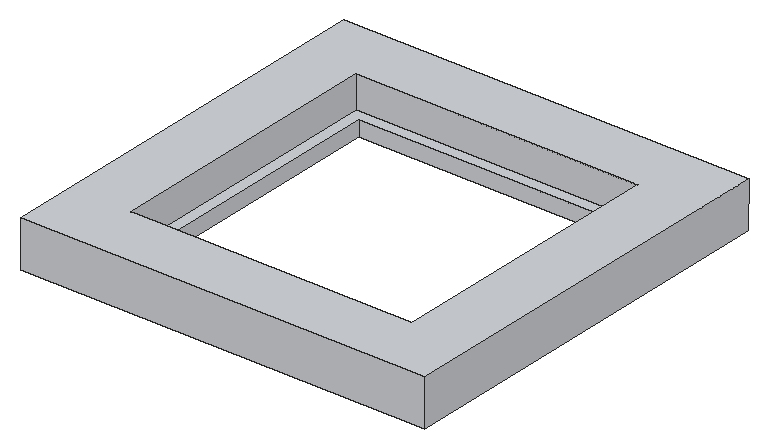
Revit family "Gira_021129", category Electrical Fixtures, host Face, Revit 2017
Family settings
  Host = Face
  Maintain Annotation Orientation = No
  Round Connector Dimension = Use Diameter
  Part Type = Normal
  Cut with Voids When Loaded = No
  Shared = No
  Room Calculation Point = No
Parameters (values of type "Abdeckrahmen 1f Gira E2 Reinweiß")
  Werkstoffgüte = "Thermoplast"
  Werkstoff = "Kunststoff"
  URL = "http://katalog.gira.de/de_DE/datenblatt.html?artikelnr=021129"
  Transparent = "No"
  Textfeld/Beschriftungsfläche = "No"
  Schutzart (IP) = "IP20"
  Region = "DE"
  RAL-Nummer (ähnlich) = "9010 "
  Oberfläche = "sonstige"
  Name = "Abdeckrahmen 1f Gira E2 Reinweiß"
  Montagerichtung = "horizontal und vertikal"
  Mit Montagerahmen = "No"
  Mit Klappdeckel = "No"
  Manufacturer URL = "https://www.gira.de/"
  Keynote = "E2_Rahmen_1fach"
  HeinzeBIM = "https://bimportal.heinze.de/bim/abdeckrahmen-1f-gira-e2-reinweiss/252a1ec4206c4ba1a7131cf35eb65483ac09cb5a"
  Halogenfrei = "Yes"
  HAN = "021129"
  Geeignet für Unterputz-Installation = "Yes"
  Geeignet für Unterflurkanaldose = "No"
  Geeignet für Geräteeinbaukanal = "No"
  Geeignet für Einbauinstallation = "No"
  GTIN = "4010337211297"
  Farbe = "weiß"
  Default Elevation = 1219.2 mm
  Data sheet (1) = "https://katalog.gira.de/de_DE/download.html?artikelnr=021129"
  Category = "Abdeckrahmen"
  Befestigungsart = "Klemmbefestigung"
  Available = "Yes"
  Ausführung der Oberfläche = "glänzend"
  Anzahl der Einheiten vertikal = "1 "
  Anzahl der Einheiten horizontal = "1 "
  Anzahl der Einheiten = "1 "
Reference planes
  plane 1 "Center (Front/Back)": y = 0
  plane 2: z = 0
  plane 3 "Center (Left/Right)": x = 0
Forms (mm)
  Extrusion 1, solid, detail levels fine
    sketch origin (0, 0, 0) x (1, 0, 0) y (0, 1, 0)
      loop
        line (40.4, 40.4) -> (-40.4, 40.4) -> (-40.4, -40.4) -> (40.4, -40.4) -> (40.4, 40.4)
      loop
        line (-28.152, 28.1) -> (-28.152, -28.152) -> (28.1, -28.152) -> (28.1, 28.1) -> (-28.152, 28.1)
    from 0 to 9.3
  Extrusion 2, solid, detail levels fine
    sketch origin (0, 0, 0) x (1, 0, 0) y (0, 1, 0)
      loop
        line (-28.152, -28.152) -> (28.1, -28.152) -> (28.1, 28.1) -> (-28.152, 28.1) -> (-28.152, -28.152)
      loop
        line (25.7, -25.7) -> (25.7, 25.7) -> (-25.7, 25.7) -> (-25.7, -25.7) -> (25.7, -25.7)
    from 0 to 3
  Extrusion 3, solid, detail levels coarse+medium
    sketch origin (0, 0, 0) x (1, 0, 0) y (0, 1, 0)
      loop
        line (40.4, 40.4) -> (-40.4, 40.4) -> (-40.4, -40.4) -> (40.4, -40.4) -> (40.4, 40.4)
    from 0 to 9.3
Lines and regions (mm)
  reference lines
    curve 1: line (0, 40.4, 0) -> (0, -40.4, 0)
Dimensions and locks
  aligned and locked: plane 2 to host face
  aligned and locked: level to host face
